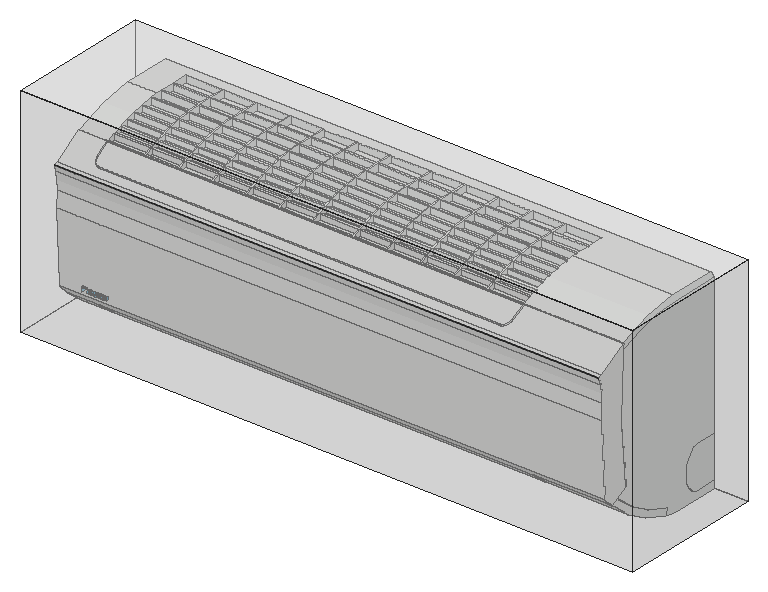
Revit family "outputfile", category 機械設備, Revit 2024
Family settings
  丸型コネクタ寸法 = 半径を使用
  パーツ タイプ = 標準
  OmniClass 番号 = 23.75.10.24.21.27.27
  OmniClass タイトル = Split System Air Conditioning Units
  作業面ベース = いいえ
  常に垂直 = はい
  ロード時にボイドで切り取り = いいえ
  注釈の向きを維持 = いいえ
  共有 = いいえ
  部屋計算ポイント = いいえ
Parameters (values of type "FTV28PBV1MF9")
  Description = ""
  製造元 = "Daikin"
  書き出し IFC クラス(タイプ) = "IfcUnitaryEquipmentType"
  定義済み IFC タイプ(タイプ) = "AIRCONDITIONINGUNIT"
  Cost = 0
  モデル = "FTV28PBV1MF9"
  Type Comments = ""
  Keynote = ""
  Type Image = (empty or 0)
  Assembly Code = ""
  switch_frequency = yes
  r_Liquid Pipe Size = Liquid Pipe Size / 2  # 3.2 mm
  r_Gas Pipe Size = Gas Pipe Size / 2  # 4.75 mm
  r_Drain Pipe Size = Drain Pipe Size / 2  # 9.55 mm
  lw_powersupply [instance] = if(or(Rear Right Connection_refrigerant, Bottom Right Connection_refrigerant), 65.0 mm + 5.3 mm, if(or(Rear Left Connection_refrigerant, Bottom Left Connection_refrigerant), 742.0 mm + 30.0 mm, 400.0 mm))  # 400.0 mm
  lw_liquidpipe [instance] = if(or(Rear Right Connection_refrigerant, Bottom Right Connection_refrigerant), 9.0 mm, if(or(Rear Left Connection_refrigerant, Bottom Left Connection_refrigerant), 668.0 mm + 40.0 mm, 800.0 mm - 592.0 mm - 48.0 mm))  # 160.0 mm
  lw_gaspipe [instance] = if(or(Rear Right Connection_refrigerant, Bottom Right Connection_refrigerant), 0.0 mm, if(or(Rear Left Connection_refrigerant, Bottom Left Connection_refrigerant), 661.0 mm + 30.0 mm, 800.0 mm - 592.0 mm - 49.0 mm - 48.0 mm))  # 111.0 mm
  lw_drainpipe [instance] = if(or(Rear Right Connection_refrigerant, Bottom Right Connection_refrigerant), 0.0 mm, if(or(Rear Left Connection_refrigerant, Bottom Left Connection_refrigerant), 675.0 mm + 30.0 mm, 0.0 mm))  # 0.0 mm
  l_powersupply_length [instance] = if(Right Connection_refrigerant, 400.0 mm, if(Left Connection_refrigerant, 800.0 mm - 400.0 mm, if(or(Rear Left Connection_refrigerant, Rear Right Connection_refrigerant), 15.0 mm, 40.0 mm)))  # 400.0 mm
  l_liquidpipe_length [instance] = if(Right Connection_refrigerant, 800.0 mm - 592.0 mm, if(Left Connection_refrigerant, 800.0 mm - (800.0 mm - 592.0 mm), if(or(Rear Left Connection_refrigerant, Rear Right Connection_refrigerant), 30.0 mm, 40.0 mm)))  # 208.0 mm
  l_gaspipe_length [instance] = if(Right Connection_refrigerant, 800.0 mm - 592.0 mm - 49.0 mm, if(Left Connection_refrigerant, 800.0 mm - (800.0 mm - 592.0 mm - 49.0 mm), if(or(Rear Left Connection_refrigerant, Rear Right Connection_refrigerant), 40.0 mm, 40.0 mm)))  # 159.0 mm
  l_drainpipe_length [instance] = if(Right Connection_refrigerant, 48.0 mm, if(Left Connection_refrigerant, 800.0 mm - 48.0 mm, if(or(Rear Left Connection_refrigerant, Rear Right Connection_refrigerant), 15.0 mm, 20.0 mm)))  # 48.0 mm
  h*** = 0.0 mm  # constant formula
  connector_voltage = Voltage_50Hz  # 230 V
  connector_powerinput = [Power Input (Cooling)]  # 0.865 kW
  connector_phase = Phase_50Hz  # 1
  angle_vertical [instance] = if(or(Bottom Left Connection_refrigerant, Bottom Right Connection_refrigerant), 0.00°, 90.00°)  # 90.00°
  angle_horizontal [instance] = if(Right Connection_refrigerant, 90.00°, if(Left Connection_refrigerant, -90.00°, if(or(Rear Left Connection_refrigerant, Rear Right Connection_refrigerant), 180.00°, 0.00°)))  # 90.00°
  Width = 800.0 mm
  Voltage_comment_50Hz = "220 - 240"
  Voltage_50Hz = 230 V
  Version = "ver.1.0"
  Unit Type = "Wall Mounted"
  Unit Mass Weight = 9.00 kg
  Unit Designation [instance] = ""
  Uniclass2015Version = "Products v1.30"
  Uniclass2015Title = "Split coil room air conditioning units"
  Uniclass2015Code = "Pr_70_65_03_86"
  URL = ""
  Total Cooling Capacity [instance] = 0.000 kW
  Sound Pressure Level_M speed (dBA) = 33
  Sound Pressure Level_L speed (dBA) = 27
  Sound Pressure Level_H speed (dBA) = 37
  Sound Power Level_H speed (dB) = 0
  Series = "Single Split_Fan Coil Unit"
  Sensible Cooling Capacity [instance] = 0.000 kW
  Refrigerant Type = "R32"
  Power Input (Cooling) = 0.865 kW
  Phase_50Hz = 1
  Option Accessory 3 [instance] = ""
  Option Accessory 2 [instance] = ""
  Option Accessory 1 [instance] = ""
  Nominal Cooling Capacity = 2.780 kW
  Minimum Circuit Amps_50Hz = 5.84 A
  Minimum Airflow = 382.00 m³/h
  Median Airflow = 479.00 m³/h
  Maximum Fuse Amps_50Hz = 16.0 A
  Maximum Airflow = 581.00 m³/h
  Material_Casing = DAIKIN_White_Casing_indoorunit
  Load Classification = HVAC
  Liquid Pipe Size = 6.4 mm
  Link_Nested Family [instance] = ""
  IfcVersion = ""
  IfcExportType = "AIRCONDITIONINGUNIT"
  IfcExportAs = "IfcUnitaryEquipmentType"
  Height = 288.0 mm
  Heat Exchanger Type = "Cross Fin Coil"
  Gas Pipe Size = 9.5 mm
  Frequency_50Hz = 50 Hz
  Fan Type = "Cross Flow Fan"
  Fan Drive = "-"
  FCU Tag No. [instance] = ""
  Drain Pipe Size = 19.1 mm
  Design Supply Airflow [instance] = 0.00 m³/h
  Depth = 212.0 mm
  既定の高さ = 0.0 mm
  Cooling Entering Wet Bulb Temperature [instance] = 0.00 °C
  Cooling Entering Dry Bulb Temperature [instance] = 0.00 °C
  Cooling Ambient Wet Bulb Temperature [instance] = 0.00 °C
  Cooling Ambient Dry Bulb Temperature [instance] = 0.00 °C
  Clearance visibility [instance] = yes
  Clearance Top = 30.0 mm
  Clearance Right = 50.0 mm
  Clearance Rear = 0.0 mm
  Clearance Left = 50.0 mm
  Clearance Front = 0.0 mm
  Clearance Bottom = 0.0 mm
  Bottom Right Connection_refrigerant [instance] = no
  Bottom Left Connection_refrigerant [instance] = no
  Rear Right Connection_refrigerant [instance] = no
  Rear Left Connection_refrigerant [instance] = no
  Right Connection_refrigerant [instance] = yes
  Left Connection_refrigerant [instance] = no
Reference planes
  plane 1 "Back": y = 0
  plane 2: z = 0
  plane 3 "Center (Left/Right)": x = 0
  plane 4 "Center (Front/Back)": y = -106
  plane 5 "Front": y = -212
  plane 6 "Left": x = -400
  plane 7 "Right": x = 400
  plane 8 "Top": z = 0
  plane 9 "Bottom": z = -288
  plane 10: x = -450
  plane 11: x = 450
  plane 12: y = 0
  plane 13: y = -212
  plane 14: z = 30
  plane 15: z = -288
  plane 16 "lw_Piping and Wiring intake": x = 352
  plane 17 "lw_gaspipe": x = 241
  plane 18 "lw_liquidpipe": x = 192
  plane 19 "lw_drainpipe": x = 352
  plane 20 "lh_drainpipe": z = -268
  plane 21 "lh_liquidpipe": z = -248
  plane 22 "lh_gaspipe": z = -248
  plane 23 "ld_drainpipe": y = -15
  plane 24 "ld_liquidpipe": y = -30
  plane 25 "ld_gaspipe": y = -40
  plane 26 "lw_powersupply": x = 0
Dimensions and locks
  equal spacing: plane 6 "Left", plane 3 "Center (Left/Right)", plane 7 "Right"
  "Width": plane 6 "Left" to plane 7 "Right"
  equal spacing: plane 5 "Front", plane 4 "Center (Front/Back)", plane 1 "Back"
  "Depth": plane 5 "Front" to plane 1 "Back"
  "Height": plane 8 "Top" to plane 9 "Bottom"
  "Clearance Rear": plane 12 to plane 1 "Back"
  "Clearance Front": plane 13 to plane 5 "Front"
  "Clearance Top": plane 14 to plane 8 "Top"
  "Clearance Bottom": plane 9 "Bottom" to plane 15
  locked: plane 16 "lw_Piping and Wiring intake" to plane 7 "Right" at 48
  "lw_gaspipe": plane 17 "lw_gaspipe" to plane 16 "lw_Piping and Wiring intake"
  "lw_liquidpipe": plane 18 "lw_liquidpipe" to plane 16 "lw_Piping and Wiring intake"
  "lw_drainpipe": plane 19 "lw_drainpipe" to plane 16 "lw_Piping and Wiring intake"
  locked: plane 20 "lh_drainpipe" to plane 9 "Bottom" at 20
  locked: plane 21 "lh_liquidpipe" to plane 9 "Bottom" at 40
  locked: plane 22 "lh_gaspipe" to plane 9 "Bottom" at 40
  locked: plane 23 "ld_drainpipe" to plane 1 "Back" at 15
  locked: plane 1 "Back" to plane 24 "ld_liquidpipe" at 30
  locked: plane 1 "Back" to plane 25 "ld_gaspipe" at 40
  "lw_powersupply": plane 26 "lw_powersupply" to plane 7 "Right"
  "Clearance Left": plane 10 to plane 6 "Left"
  "Clearance Right": plane 7 "Right" to plane 11
  plane 6 "Left" to plane 18 "lw_liquidpipe" = 592.0 mm
  plane 18 "lw_liquidpipe" to plane 17 "lw_gaspipe" = 49.0 mm
  aligned and locked: level to plane 2
  aligned and locked: plane 12 to nested 1
  aligned and locked: nested 1 to plane 13
  aligned and locked: plane 10 to nested 1
  aligned and locked: plane 11 to nested 1
  aligned and locked: plane 17 "lw_gaspipe" to nested 2
  aligned and locked: nested 2 to plane 25 "ld_gaspipe"
  aligned and locked: plane 18 "lw_liquidpipe" to nested 3
  aligned and locked: nested 3 to plane 24 "ld_liquidpipe"
  aligned and locked: plane 19 "lw_drainpipe" to nested 4
  aligned and locked: nested 4 to plane 23 "ld_drainpipe"
  aligned and locked: nested 5 to plane 23 "ld_drainpipe"
  aligned and locked: plane 26 "lw_powersupply" to nested 5
  aligned and locked: level to plane 8 "Top"
  aligned and locked: plane 14 to nested 1
  aligned and locked: plane 15 to nested 1
  aligned and locked: plane 3 "Center (Left/Right)" to nested 6
  aligned and locked: plane 1 "Back" to nested 6
  aligned and locked: plane 8 "Top" to nested 6
Nested families
  nested 1: "daikin_clearancespace" at (0, -106, -128.881), show <- "Clearance visibility", visible <- "Clearance visibility", Link_Nested Family <- "Link_Nested Family", type "daikin_clearancespace"
    with width 900.0 mm, show yes, height 318.0 mm, depth 212.0 mm, Link_Nested Family ""
  nested 2: "daikin_connector_rotate3" at (241, -40, -248), angle_vertical <- "angle_vertical", angle_horizontal <- "angle_horizontal", length <- "l_gaspipe_length", radius <- "r_Gas Pipe Size", type "daikin_connector_rotate3"
    with show no, radius 4.75 mm, length 159.0 mm, angle_vertical 90.00°, angle_horizontal 90.00°
  nested 3: "daikin_connector_rotate3" at (192, -30, -248), angle_vertical <- "angle_vertical", angle_horizontal <- "angle_horizontal", radius <- "r_Liquid Pipe Size", length <- "l_liquidpipe_length", type "daikin_connector_rotate3"
    with show no, radius 3.2 mm, length 208.0 mm, angle_vertical 90.00°, angle_horizontal 90.00°
  nested 4: "daikin_connector_rotate3" at (352, -15, -268), angle_vertical <- "angle_vertical", angle_horizontal <- "angle_horizontal", length <- "l_drainpipe_length", radius <- "r_Drain Pipe Size", type "daikin_connector_rotate3"
    with show no, radius 9.55 mm, length 48.0 mm, angle_vertical 90.00°, angle_horizontal 90.00°
  nested 5: "daikin_connector_rotate3" at (0, -15, -248), angle_vertical <- "angle_vertical", angle_horizontal <- "angle_horizontal", length <- "l_powersupply_length", type "daikin_connector_rotate3"
    with show no, radius 10.0 mm, length 400.0 mm, angle_vertical 90.00°, angle_horizontal 90.00°
  nested 6: "DAIKIN_indoorunit_FTV-PBV1MF9" at (-31, 0, 0), type "FTV-PBV1MF9"
Connectors
  piping at (400, -40, -248), diameter 9.5, driven by "r_Gas Pipe Size"
    settings: on nested 2, index 1, connector inside diameter 609.6 mm, connector length 0.0 mm, flow factor 0, pipe flow 0.00 m³/h, pressure drop 0.0 Pa, fitting loss kfactor 0, connector angle 0.00°, fixture units 0, engagement length 0.0 mm, angle of deflection 0.00°, flow configuration 1, flow direction 2, fitting loss method 0, system type 29, joint type 0, gender type 0, connector reference index -1, connector utility 0, adjustable connector no, is connector primary yes, connector description "Refrigerant Gas Piping"
  piping at (400, -30, -248), diameter 6.4, driven by "r_Liquid Pipe Size"
    settings: on nested 3, index 2, connector inside diameter 609.6 mm, connector length 0.0 mm, flow factor 0, pipe flow 0.00 m³/h, pressure drop 0.0 Pa, fitting loss kfactor 0, connector angle 0.00°, fixture units 0, engagement length 0.0 mm, angle of deflection 0.00°, flow configuration 1, flow direction 1, fitting loss method 0, system type 29, joint type 0, gender type 0, connector reference index -1, connector utility 0, adjustable connector no, is connector primary no, connector description "Refrigerant Liquid Piping"
  piping at (400, -15, -268), diameter 19.1, driven by "r_Drain Pipe Size"
    settings: on nested 4, index 3, connector inside diameter 609.6 mm, connector length 0.0 mm, flow factor 0, pipe flow 0.00 m³/h, pressure drop 0.0 Pa, fitting loss kfactor 0, connector angle 0.00°, fixture units 0, engagement length 0.0 mm, angle of deflection 0.00°, flow configuration 1, flow direction 2, fitting loss method 4, system type 16, joint type 0, gender type 0, connector reference index -1, connector utility 0, adjustable connector no, is connector primary no, connector description "Condensate Drain Piping"
  electrical at (400, -15, -248), driven by "Load Classification", driven by "connector_voltage", driven by "connector_powerinput", driven by "connector_phase"
    settings: on nested 5, index 4, voltage 230 V, apparent load 865 VA, apparent load phase1 0 VA, apparent load phase2 0 VA, apparent load phase3 0 VA, power factor 1, load classification "HVAC", number of poles 1, system type 30, power factor state 1, is connector primary yes, connector utility no, sub classification motor no, connector description "Power Supply"
Definition of nested family "daikin_clearancespace"
  Parameters (values of type "daikin_clearancespace")
    Description = "daikin_clearancespace"
    width [instance] = 1823.963 mm
    show [instance] = yes
    material = none
    height [instance] = 1359.762 mm
    depth [instance] = 880.0 mm
    Default Elevation = 0.0 mm
    Link_Nested Family [instance] = ""
  Reference planes
    plane 1 "Center (Front/Back)": y = 0
    plane 2 "Center (Elevation)": z = -0.119
    plane 3 "Center (Left/Right)": x = 0
    plane 4: y = 440
    plane 5: y = -440
    plane 6 "Right": x = 911.982
    plane 7 "Left": x = -911.982
    plane 8 "Top": z = 679.762
    plane 9 "Bottom": z = -680
  Forms (mm)
    Extrusion 1, solid, material <- "material", visible <- "show"
      sketch origin (0, 0, 0) x (1, 0, 0) y (0, 1, 0)
        loop
          line (-911.982, 440) -> (-911.982, -440) -> (911.982, -440) -> (911.982, 440) -> (-911.982, 440)
      from -680 to 679.762
  Lines and regions (mm)
    symbolic lines, visible <- "show"
      curve 1: line (911.982, 440, 0) -> (-911.982, 440, 0)
      curve 2: line (-911.982, 440, 0) -> (-911.982, -440, 0)
      curve 3: line (-911.982, -440, 0) -> (911.982, -440, 0)
      curve 4: line (911.982, -440, 0) -> (911.982, 440, 0)
      curve 5: line (911.982, 0, 679.762) -> (-911.982, 0, 679.762)
      curve 6: line (911.982, 0, -680) -> (911.982, 0, 679.762)
      curve 7: line (-911.982, 0, -680) -> (911.982, 0, -680)
      curve 8: line (-911.982, 0, 679.762) -> (-911.982, 0, -680)
      curve 9: line (0, 440, 679.762) -> (0, -440, 679.762)
      curve 10: line (0, -440, 679.762) -> (0, -440, -680)
      curve 11: line (0, 440, -680) -> (0, 440, 679.762)
      curve 12: line (0, -440, -680) -> (0, 440, -680)
  Dimensions and locks
    "width": plane 7 "Left" to plane 6 "Right"
    "depth": plane 4 to plane 5
    "height": plane 8 "Top" to plane 9 "Bottom"
    equal spacing: plane 7 "Left", plane 3 "Center (Left/Right)", plane 6 "Right"
    equal spacing: plane 4, plane 1 "Center (Front/Back)", plane 5
    equal spacing: plane 8 "Top", plane 2 "Center (Elevation)", plane 9 "Bottom"
    aligned and locked: level to plane 2 "Center (Elevation)"
    aligned and locked: Extrusion 1 sketch curve to plane 4
    aligned and locked: plane 7 "Left" to Extrusion 1 sketch curve
    aligned and locked: Extrusion 1 sketch curve to plane 5
    aligned and locked: Extrusion 1 sketch curve to plane 6 "Right"
    aligned and locked: plane 8 "Top" to Extrusion 1
    aligned and locked: curve 1 to Extrusion 1
    aligned and locked: curve 2 to Extrusion 1
    aligned and locked: curve 3 to Extrusion 1
    aligned and locked: curve 4 to Extrusion 1
    aligned and locked: curve 5 to Extrusion 1
    aligned and locked: curve 6 to Extrusion 1
    aligned and locked: curve 7 to Extrusion 1
    aligned and locked: curve 8 to Extrusion 1
    aligned and locked: curve 9 to Extrusion 1
    aligned and locked: curve 10 to Extrusion 1
    aligned and locked: curve 11 to Extrusion 1
    aligned and locked: curve 12 to Extrusion 1
    aligned and locked: Extrusion 1 to plane 9 "Bottom"
Definition of nested family "DAIKIN_indoorunit_FTV-PBV1MF9"
  Parameters (values of type "FTV-PBV1MF9")
    Width = 800.0 mm
    Material_Casing = none
    Height = 288.0 mm
    Default Elevation = 0.0 mm
  Reference planes
    plane 1 "Center (Front/Back)": y = 0
    plane 2 "reference_level": z = 0
    plane 3 "Center (Left/Right)": x = 31
    plane 4: y = -212
    plane 5: x = -369
    plane 6: x = 431
    plane 7: x = -369
    plane 8: x = 431
    plane 9: z = -288
  Forms (mm)
    Extrusion 1, solid, material <- "Material_Casing"
      sketch origin (31, 0, 0) x (0, 1, 0) y (0, 0, 1)
        loop
          arc (-167.658, -37.907) -> (-181.072, -45.445) -> (-193.973, -53.831) r 238.983
          arc (-193.973, -53.831) -> (-198.179, -56.235) -> (-202.744, -57.855) r 27.19
          line (-202.744, -57.855) -> (-209.233, -59.409)
          arc (-209.233, -59.409) -> (-206.876, -72.128) -> (-206.426, -85.056) r 87.213
          line (-206.426, -85.056) -> (-207.343, -108.316)
          arc (-207.343, -108.316) -> (-206.958, -161.328) -> (-201.625, -214.072) r 567.254
          arc (-201.625, -214.072) -> (-194.69, -221.539) -> (-187.446, -228.706) r 240.501
          line (-187.446, -228.706) -> (-164.341, -215.366)
          arc (-164.341, -215.366) -> (-170.74, -126.725) -> (-167.658, -37.907) r 832.797
      from -400 to 400
    Extrusion 2, void
      sketch origin (33, 0, 0) x (1, 0, 0) y (0, 1, 0)
        loop
          line (-306.3, -45.991) -> (-306.3, -22.991) -> (-359.5, -22.991) -> (-359.5, -45.991) -> (-306.3, -45.991)
        loop
          line (-306.3, -67.491) -> (-306.3, -47.991) -> (-359.5, -47.991) -> (-359.5, -67.491) -> (-306.3, -67.491)
        loop
          line (-306.3, -69.491) -> (-359.5, -69.491) -> (-359.5, -86.209) -> (-306.3, -86.209) -> (-306.3, -69.491)
        loop
          line (-306.3, -87.991) -> (-359.5, -87.991) -> (-359.5, -102.991) -> (-306.3, -102.991) -> (-306.3, -87.991)
        loop
          line (-306.3, -104.991) -> (-359.5, -104.991) -> (-359.5, -117.491) -> (-306.3, -117.491) -> (-306.3, -104.991)
        loop
          line (-306.3, -119.491) -> (-359.5, -119.491) -> (-359.5, -129.991) -> (-306.3, -129.991) -> (-306.3, -119.491)
        loop
          line (-306.3, -131.991) -> (-359.5, -131.991) -> (-359.5, -141.491) -> (-306.3, -141.491) -> (-306.3, -131.991)
        loop
          line (-306.3, -143.491) -> (-359.5, -143.491) -> (-359.5, -152.991) -> (-306.3, -152.991) -> (-306.3, -143.491)
        loop
          line (-306.3, -154.991) -> (-359.5, -154.991) -> (-359.5, -165) -> (-306.3, -165) -> (-306.3, -154.991)
        loop
          line (-304.3, -22.991) -> (-304.3, -45.991) -> (-257.1, -45.991) -> (-257.1, -22.991) -> (-304.3, -22.991)
        loop
          line (-257.1, -47.991) -> (-304.3, -47.991) -> (-304.3, -67.491) -> (-257.1, -67.491) -> (-257.1, -47.991)
        loop
          line (-304.3, -69.491) -> (-304.3, -85.991) -> (-257.1, -85.991) -> (-257.1, -69.491) -> (-304.3, -69.491)
        loop
          line (-257.1, -87.991) -> (-304.3, -87.991) -> (-304.3, -102.991) -> (-257.1, -102.991) -> (-257.1, -87.991)
        loop
          line (-304.3, -104.991) -> (-304.3, -117.491) -> (-257.1, -117.491) -> (-257.1, -104.991) -> (-304.3, -104.991)
        loop
          line (-257.1, -119.491) -> (-304.3, -119.491) -> (-304.3, -129.991) -> (-257.1, -129.991) -> (-257.1, -119.491)
        loop
          line (-304.3, -131.991) -> (-304.3, -141.491) -> (-257.1, -141.491) -> (-257.1, -131.991) -> (-304.3, -131.991)
        loop
          line (-257.1, -143.491) -> (-304.3, -143.491) -> (-304.3, -152.991) -> (-257.1, -152.991) -> (-257.1, -143.491)
        loop
          line (-304.3, -154.991) -> (-304.3, -165) -> (-257.1, -165) -> (-257.1, -154.991) -> (-304.3, -154.991)
        loop
          line (-255.1, -22.991) -> (-255.1, -45.991) -> (-207.9, -45.991) -> (-207.9, -22.991) -> (-255.1, -22.991)
        loop
          line (-207.9, -47.991) -> (-255.1, -47.991) -> (-255.1, -67.491) -> (-207.9, -67.491) -> (-207.9, -47.991)
        loop
          line (-255.1, -69.491) -> (-255.1, -85.991) -> (-207.9, -85.991) -> (-207.9, -69.491) -> (-255.1, -69.491)
        loop
          line (-207.9, -87.991) -> (-255.1, -87.991) -> (-255.1, -102.991) -> (-207.9, -102.991) -> (-207.9, -87.991)
        loop
          line (-255.1, -104.991) -> (-255.1, -117.491) -> (-207.9, -117.491) -> (-207.9, -104.991) -> (-255.1, -104.991)
        loop
          line (-207.9, -119.491) -> (-255.1, -119.491) -> (-255.1, -129.991) -> (-207.9, -129.991) -> (-207.9, -119.491)
        loop
          line (-255.1, -131.991) -> (-255.1, -141.491) -> (-207.9, -141.491) -> (-207.9, -131.991) -> (-255.1, -131.991)
        loop
          line (-207.9, -143.491) -> (-255.1, -143.491) -> (-255.1, -152.991) -> (-207.9, -152.991) -> (-207.9, -143.491)
        loop
          line (-255.1, -154.991) -> (-255.1, -165) -> (-207.9, -165) -> (-207.9, -154.991) -> (-255.1, -154.991)
        loop
          line (-205.9, -22.991) -> (-205.9, -45.991) -> (-158.7, -45.991) -> (-158.7, -22.991) -> (-205.9, -22.991)
        loop
          line (-158.7, -47.991) -> (-205.9, -47.991) -> (-205.9, -67.491) -> (-158.7, -67.491) -> (-158.7, -47.991)
        loop
          line (-205.9, -69.491) -> (-205.9, -85.991) -> (-158.7, -85.991) -> (-158.7, -69.491) -> (-205.9, -69.491)
        loop
          line (-158.7, -87.991) -> (-205.9, -87.991) -> (-205.9, -102.991) -> (-158.7, -102.991) -> (-158.7, -87.991)
        loop
          line (-205.9, -104.991) -> (-205.9, -117.491) -> (-158.7, -117.491) -> (-158.7, -104.991) -> (-205.9, -104.991)
        loop
          line (-158.7, -119.491) -> (-205.9, -119.491) -> (-205.9, -129.991) -> (-158.7, -129.991) -> (-158.7, -119.491)
        loop
          line (-205.9, -131.991) -> (-205.9, -141.491) -> (-158.7, -141.491) -> (-158.7, -131.991) -> (-205.9, -131.991)
        loop
          line (-158.7, -143.491) -> (-205.9, -143.491) -> (-205.9, -152.991) -> (-158.7, -152.991) -> (-158.7, -143.491)
        loop
          line (-205.9, -154.991) -> (-205.9, -165) -> (-158.7, -165) -> (-158.7, -154.991) -> (-205.9, -154.991)
        loop
          line (-156.7, -22.991) -> (-156.7, -45.991) -> (-109.5, -45.991) -> (-109.5, -22.991) -> (-156.7, -22.991)
        loop
          line (-109.5, -47.991) -> (-156.7, -47.991) -> (-156.7, -67.491) -> (-109.5, -67.491) -> (-109.5, -47.991)
        loop
          line (-156.7, -69.491) -> (-156.7, -85.991) -> (-109.5, -85.991) -> (-109.5, -69.491) -> (-156.7, -69.491)
        loop
          line (-109.5, -87.991) -> (-156.7, -87.991) -> (-156.7, -102.991) -> (-109.5, -102.991) -> (-109.5, -87.991)
        loop
          line (-156.7, -104.991) -> (-156.7, -117.491) -> (-109.5, -117.491) -> (-109.5, -104.991) -> (-156.7, -104.991)
        loop
          line (-109.5, -119.491) -> (-156.7, -119.491) -> (-156.7, -129.991) -> (-109.5, -129.991) -> (-109.5, -119.491)
        loop
          line (-156.7, -131.991) -> (-156.7, -141.491) -> (-109.5, -141.491) -> (-109.5, -131.991) -> (-156.7, -131.991)
        loop
          line (-109.5, -143.491) -> (-156.7, -143.491) -> (-156.7, -152.991) -> (-109.5, -152.991) -> (-109.5, -143.491)
        loop
          line (-156.7, -154.991) -> (-156.7, -165) -> (-109.5, -165) -> (-109.5, -154.991) -> (-156.7, -154.991)
        loop
          line (-107.5, -22.991) -> (-107.5, -45.991) -> (-60.3, -45.991) -> (-60.3, -22.991) -> (-107.5, -22.991)
        loop
          line (-60.3, -47.991) -> (-107.5, -47.991) -> (-107.5, -67.491) -> (-60.3, -67.491) -> (-60.3, -47.991)
        loop
          line (-107.5, -69.491) -> (-107.5, -85.991) -> (-60.3, -85.991) -> (-60.3, -69.491) -> (-107.5, -69.491)
        loop
          line (-60.3, -87.991) -> (-107.5, -87.991) -> (-107.5, -102.991) -> (-60.3, -102.991) -> (-60.3, -87.991)
        loop
          line (-107.5, -104.991) -> (-107.5, -117.491) -> (-60.3, -117.491) -> (-60.3, -104.991) -> (-107.5, -104.991)
        loop
          line (-60.3, -119.491) -> (-107.5, -119.491) -> (-107.5, -129.991) -> (-60.3, -129.991) -> (-60.3, -119.491)
        loop
          line (-107.5, -131.991) -> (-107.5, -141.491) -> (-60.3, -141.491) -> (-60.3, -131.991) -> (-107.5, -131.991)
        loop
          line (-60.3, -143.491) -> (-107.5, -143.491) -> (-107.5, -152.991) -> (-60.3, -152.991) -> (-60.3, -143.491)
        loop
          line (-107.5, -154.991) -> (-107.5, -165) -> (-60.3, -165) -> (-60.3, -154.991) -> (-107.5, -154.991)
        loop
          line (1.5, -22.991) -> (1.5, -45.991) -> (48.7, -45.991) -> (48.7, -22.991) -> (1.5, -22.991)
        loop
          line (48.7, -47.991) -> (1.5, -47.991) -> (1.5, -67.491) -> (48.7, -67.491) -> (48.7, -47.991)
        loop
          line (1.5, -69.491) -> (1.5, -85.991) -> (48.7, -85.991) -> (48.7, -69.491) -> (1.5, -69.491)
        loop
          line (48.7, -87.991) -> (1.5, -87.991) -> (1.5, -102.991) -> (48.7, -102.991) -> (48.7, -87.991)
        loop
          line (1.5, -104.991) -> (1.5, -117.491) -> (48.7, -117.491) -> (48.7, -104.991) -> (1.5, -104.991)
        loop
          line (48.7, -119.491) -> (1.5, -119.491) -> (1.5, -129.991) -> (48.7, -129.991) -> (48.7, -119.491)
        loop
          line (1.5, -131.991) -> (1.5, -141.491) -> (48.7, -141.491) -> (48.7, -131.991) -> (1.5, -131.991)
        loop
          line (48.7, -143.491) -> (1.5, -143.491) -> (1.5, -152.991) -> (48.7, -152.991) -> (48.7, -143.491)
        loop
          line (1.5, -154.991) -> (1.5, -165) -> (48.7, -165) -> (48.7, -154.991) -> (1.5, -154.991)
        loop
          line (50.7, -22.991) -> (50.7, -45.991) -> (97.9, -45.991) -> (97.9, -22.991) -> (50.7, -22.991)
        loop
          line (97.9, -47.991) -> (50.7, -47.991) -> (50.7, -67.491) -> (97.9, -67.491) -> (97.9, -47.991)
        loop
          line (50.7, -69.491) -> (50.7, -85.991) -> (97.9, -85.991) -> (97.9, -69.491) -> (50.7, -69.491)
        loop
          line (97.9, -87.991) -> (50.7, -87.991) -> (50.7, -102.991) -> (97.9, -102.991) -> (97.9, -87.991)
        loop
          line (50.7, -104.991) -> (50.7, -117.491) -> (97.9, -117.491) -> (97.9, -104.991) -> (50.7, -104.991)
        loop
          line (97.9, -119.491) -> (50.7, -119.491) -> (50.7, -129.991) -> (97.9, -129.991) -> (97.9, -119.491)
        loop
          line (50.7, -131.991) -> (50.7, -141.491) -> (97.9, -141.491) -> (97.9, -131.991) -> (50.7, -131.991)
        loop
          line (97.9, -143.491) -> (50.7, -143.491) -> (50.7, -152.991) -> (97.9, -152.991) -> (97.9, -143.491)
        loop
          line (50.7, -154.991) -> (50.7, -165) -> (97.9, -165) -> (97.9, -154.991) -> (50.7, -154.991)
        loop
          line (99.9, -22.991) -> (99.9, -45.991) -> (147.1, -45.991) -> (147.1, -22.991) -> (99.9, -22.991)
        loop
          line (147.1, -47.991) -> (99.9, -47.991) -> (99.9, -67.491) -> (147.1, -67.491) -> (147.1, -47.991)
        loop
          line (99.9, -69.491) -> (99.9, -85.991) -> (147.1, -85.991) -> (147.1, -69.491) -> (99.9, -69.491)
        loop
          line (147.1, -87.991) -> (99.9, -87.991) -> (99.9, -102.991) -> (147.1, -102.991) -> (147.1, -87.991)
        loop
          line (99.9, -104.991) -> (99.9, -117.491) -> (147.1, -117.491) -> (147.1, -104.991) -> (99.9, -104.991)
        loop
          line (147.1, -119.491) -> (99.9, -119.491) -> (99.9, -129.991) -> (147.1, -129.991) -> (147.1, -119.491)
        loop
          line (99.9, -131.991) -> (99.9, -141.491) -> (147.1, -141.491) -> (147.1, -131.991) -> (99.9, -131.991)
        loop
          line (147.1, -143.491) -> (99.9, -143.491) -> (99.9, -152.991) -> (147.1, -152.991) -> (147.1, -143.491)
        loop
          line (99.9, -154.991) -> (99.9, -165) -> (147.1, -165) -> (147.1, -154.991) -> (99.9, -154.991)
        loop
          line (149.1, -22.991) -> (149.1, -45.991) -> (196.3, -45.991) -> (196.3, -22.991) -> (149.1, -22.991)
        loop
          line (196.3, -47.991) -> (149.1, -47.991) -> (149.1, -67.491) -> (196.3, -67.491) -> (196.3, -47.991)
        loop
          line (149.1, -69.491) -> (149.1, -85.991) -> (196.3, -85.991) -> (196.3, -69.491) -> (149.1, -69.491)
        loop
          line (196.3, -87.991) -> (149.1, -87.991) -> (149.1, -102.991) -> (196.3, -102.991) -> (196.3, -87.991)
        loop
          line (149.1, -104.991) -> (149.1, -117.491) -> (196.3, -117.491) -> (196.3, -104.991) -> (149.1, -104.991)
        loop
          line (196.3, -119.491) -> (149.1, -119.491) -> (149.1, -129.991) -> (196.3, -129.991) -> (196.3, -119.491)
        loop
          line (149.1, -131.991) -> (149.1, -141.491) -> (196.3, -141.491) -> (196.3, -131.991) -> (149.1, -131.991)
        loop
          line (196.3, -143.491) -> (149.1, -143.491) -> (149.1, -152.991) -> (196.3, -152.991) -> (196.3, -143.491)
        loop
          line (149.1, -154.991) -> (149.1, -165) -> (196.3, -165) -> (196.3, -154.991) -> (149.1, -154.991)
        loop
          line (198.3, -22.991) -> (198.3, -45.991) -> (251.5, -45.991) -> (251.5, -22.991) -> (198.3, -22.991)
        loop
          line (251.5, -47.991) -> (198.3, -47.991) -> (198.3, -67.491) -> (251.5, -67.491) -> (251.5, -47.991)
        loop
          line (198.3, -69.491) -> (198.3, -85.991) -> (251.5, -85.991) -> (251.5, -69.491) -> (198.3, -69.491)
        loop
          line (251.5, -87.991) -> (198.3, -87.991) -> (198.3, -102.991) -> (251.5, -102.991) -> (251.5, -87.991)
        loop
          line (198.3, -104.991) -> (198.3, -117.491) -> (251.5, -117.491) -> (251.5, -104.991) -> (198.3, -104.991)
        loop
          line (251.5, -119.491) -> (198.3, -119.491) -> (198.3, -129.991) -> (251.5, -129.991) -> (251.5, -119.491)
        loop
          line (198.3, -131.991) -> (198.3, -141.491) -> (251.5, -141.491) -> (251.5, -131.991) -> (198.3, -131.991)
        loop
          line (251.5, -143.491) -> (198.3, -143.491) -> (198.3, -152.991) -> (251.5, -152.991) -> (251.5, -143.491)
        loop
          line (198.3, -154.991) -> (198.3, -165) -> (251.5, -165) -> (251.5, -154.991) -> (198.3, -154.991)
        loop
          line (-58.3, -22.991) -> (-58.3, -45.991) -> (-0.5, -45.991) -> (-0.5, -22.991) -> (-58.3, -22.991)
        loop
          line (-0.5, -47.991) -> (-58.3, -47.991) -> (-58.3, -67.491) -> (-0.5, -67.491) -> (-0.5, -47.991)
        loop
          line (-58.3, -69.491) -> (-58.3, -85.991) -> (-0.5, -85.991) -> (-0.5, -69.491) -> (-58.3, -69.491)
        loop
          line (-0.5, -87.991) -> (-58.3, -87.991) -> (-58.3, -102.991) -> (-0.5, -102.991) -> (-0.5, -87.991)
        loop
          line (-58.3, -104.991) -> (-58.3, -117.491) -> (-0.5, -117.491) -> (-0.5, -104.991) -> (-58.3, -104.991)
        loop
          line (-0.5, -119.491) -> (-58.3, -119.491) -> (-58.3, -129.991) -> (-0.5, -129.991) -> (-0.5, -119.491)
        loop
          line (-58.3, -131.991) -> (-58.3, -141.491) -> (-0.5, -141.491) -> (-0.5, -131.991) -> (-58.3, -131.991)
        loop
          line (-0.5, -143.491) -> (-58.3, -143.491) -> (-58.3, -152.991) -> (-0.5, -152.991) -> (-0.5, -143.491)
        loop
          line (-58.3, -154.991) -> (-58.3, -165) -> (-0.5, -165) -> (-0.5, -154.991) -> (-58.3, -154.991)
      from -40.013 to 47.268
    Extrusion 3, solid, material <- "Material_Casing"
      sketch origin (418, 1296.25, 1200) x (0, 1, 0) y (0, 0, 1)
        loop
          line (-1473.873, -1424.191) -> (-1482.936, -1429.424)
          arc (-1482.936, -1429.424) -> (-1437.753, -1462.876) -> (-1386.039, -1484.925) r 240.501
          line (-1386.039, -1484.925) -> (-1383.459, -1475.26)
          arc (-1383.459, -1475.26) -> (-1431.579, -1454.883) -> (-1473.873, -1424.191) r 230.501
      from 13 to -104
    Extrusion 4, solid, material <- "Material_Casing"
      sketch origin (431, 1296.25, 1200) x (0, -1, 0) y (0, 0, 1)
        loop
          line (1296.25, -1416) -> (1296.25, -1477) -> (1324.531, -1477)
          arc (1324.531, -1477) -> (1340.087, -1470.556) -> (1346.531, -1455) r 22
          line (1346.531, -1455) -> (1346.531, -1438)
          arc (1346.531, -1438) -> (1340.087, -1422.444) -> (1324.531, -1416) r 22
          line (1324.531, -1416) -> (1296.25, -1416)
      from 0 to 5
    Extrusion 5, solid, material <- "Material_Casing"
      sketch origin (31, 200, -288) x (-1, 0, 0) y (0, -1, 0)
        loop
          line (385, 200) -> (385, 228.281)
          arc (385, 228.281) -> (378.556, 243.837) -> (363, 250.281) r 22
          line (363, 250.281) -> (346, 250.281)
          arc (346, 250.281) -> (330.444, 243.837) -> (324, 228.281) r 22
          line (324, 228.281) -> (324, 200) -> (385, 200)
        loop
          line (-372, 200) -> (-311, 200) -> (-311, 228.281)
          arc (-311, 228.281) -> (-317.444, 243.837) -> (-333, 250.281) r 22
          line (-333, 250.281) -> (-350, 250.281)
          arc (-350, 250.281) -> (-365.556, 243.837) -> (-372, 228.281) r 22
          line (-372, 228.281) -> (-372, 200)
      from 0 to 5
    Extrusion 6, solid, material <- "Material_Casing"
      sketch origin (0, 0, 0) x (1, 0, 0) y (0, 1, 0)
        loop
          arc (-327.717, -167) -> (-327.08, -176.795) -> (-326.264, -186.577) r 532.302
          arc (-326.264, -186.577) -> (-322.859, -193.29) -> (-315.837, -196) r 10.5
          line (-315.837, -196) -> (272.837, -196)
          arc (272.837, -196) -> (279.86, -193.29) -> (283.264, -186.577) r 10.5
          arc (283.264, -186.577) -> (284.081, -176.795) -> (284.717, -167) r 532.302
          line (284.717, -167) -> (-327.717, -167)
      from 0 to -64.738
    Extrusion 7, void
      sketch origin (31, 0, 0) x (0, 1, 0) y (0, 0, 1)
        loop
          line (-161.353, 6.246) -> (-204.673, 6.246) -> (-204.673, -68.754) -> (-161.353, -68.754) -> (-161.353, 6.246)
        loop
          arc (-166.353, -24.387) -> (-182.505, -32.935) -> (-197.991, -42.638) r 250.383
          line (-197.991, -42.638) -> (-197.991, -56.693)
          arc (-197.991, -56.693) -> (-183.175, -46.733) -> (-167.658, -37.907) r 238.983
          arc (-167.658, -37.907) -> (-167.033, -31.144) -> (-166.353, -24.387) r 832.797
      from -385 to 385
    Extrusion 8, solid, material <- "Material_Casing"
      sketch origin (31, 0, -50) x (0, 1, 0) y (0, 0, 1)
        loop
          line (0, -238) -> (0, 40) -> (-75.78, 40)
          arc (-75.78, 40) -> (-122.232, 34.466) -> (-166.084, 18.173) r 197.718
          arc (-166.084, 18.173) -> (-169.674, -73.941) -> (-163.264, -165.901) r 849.712
          line (-163.264, -165.901) -> (-177.622, -174.191)
          arc (-177.622, -174.191) -> (-135.329, -204.883) -> (-87.209, -225.26) r 230.501
          line (-87.209, -225.26) -> (-89.788, -234.923)
          arc (-89.788, -234.923) -> (-78.072, -237.167) -> (-66.172, -238) r 100.04
          line (-66.172, -238) -> (0, -238)
      from -400 to 400
    Extrusion 9, solid, material <- "Material_Casing"
      sketch origin (-369, 1296.25, 1200) x (0, -1, 0) y (0, 0, -1)
        loop
          line (1296.25, 1416) -> (1324.531, 1416)
          arc (1324.531, 1416) -> (1340.087, 1422.444) -> (1346.531, 1438) r 22
          line (1346.531, 1438) -> (1346.531, 1455)
          arc (1346.531, 1455) -> (1340.087, 1470.556) -> (1324.531, 1477) r 22
          line (1324.531, 1477) -> (1296.25, 1477) -> (1296.25, 1416)
      from 0 to 5
    Extrusion 10, solid, material <- "Material_Casing"
      sketch origin (31, 0, -20) x (0, 1, 0) y (0, 0, 1)
        loop
          line (-75.78, 10) -> (0, 10) -> (-6.985, 20) -> (-76.159, 20)
          arc (-76.159, 20) -> (-121.824, 12.276) -> (-165.287, -3.721) r 250.522
          arc (-165.287, -3.721) -> (-165.695, -7.773) -> (-166.084, -11.827) r 849.712
          arc (-166.084, -11.827) -> (-122.232, 4.466) -> (-75.78, 10) r 197.718
      from -400 to 400
    Extrusion 11, solid, material <- "Material_Casing"
      sketch origin (283, 1296.25, 1200) x (0, 1, 0) y (0, 0, 1)
        loop
          line (-1473.873, -1424.191) -> (-1482.936, -1429.424)
          arc (-1482.936, -1429.424) -> (-1437.753, -1462.876) -> (-1386.039, -1484.925) r 240.501
          line (-1386.039, -1484.925) -> (-1383.459, -1475.26)
          arc (-1383.459, -1475.26) -> (-1431.579, -1454.883) -> (-1473.873, -1424.191) r 230.501
      from 27 to -606.784
    Extrusion 12, solid, material <- "Material_Casing"
      sketch origin (233, 1296.25, 1200) x (0, 1, 0) y (0, 0, 1)
        loop
          line (-1473.873, -1424.191) -> (-1482.936, -1429.424)
          arc (-1482.936, -1429.424) -> (-1437.753, -1462.876) -> (-1386.039, -1484.925) r 240.501
          line (-1386.039, -1484.925) -> (-1383.459, -1475.26)
          arc (-1383.459, -1475.26) -> (-1431.579, -1454.883) -> (-1473.873, -1424.191) r 230.501
      from -559.5 to -602
    Extrusion 13, void
      sketch origin (0, 0, 100) x (1, 0, 0) y (0, 1, 0)
        loop
          arc (-327.717, -167) -> (-327.08, -176.795) -> (-326.264, -186.577) r 532.302
          arc (-326.264, -186.577) -> (-322.859, -193.29) -> (-315.837, -196) r 10.5
          line (-315.837, -196) -> (272.837, -196)
          arc (272.837, -196) -> (279.86, -193.29) -> (283.264, -186.577) r 10.5
          arc (283.264, -186.577) -> (284.081, -176.795) -> (284.717, -167) r 532.302
          line (284.717, -167) -> (-327.717, -167)
      from 0 to -190
    Extrusion 14, solid, material <- "Material_Casing"
      sketch origin (31, 0, 0) x (0, 1, 0) y (0, 0, 1)
        loop
          arc (-166.353, -24.387) -> (-186.802, -35.471) -> (-206.134, -48.405) r 250.383
          line (-206.134, -48.405) -> (-212, -49.782) -> (-212, -50.758)
          arc (-212, -50.758) -> (-210.504, -55.047) -> (-209.233, -59.409) r 87.213
          line (-209.233, -59.409) -> (-202.744, -57.855)
          arc (-202.744, -57.855) -> (-198.179, -56.235) -> (-193.973, -53.831) r 27.19
          arc (-193.973, -53.831) -> (-181.072, -45.445) -> (-167.658, -37.907) r 238.983
          arc (-167.658, -37.907) -> (-167.033, -31.144) -> (-166.353, -24.387) r 832.797
      from -400 to 400
    Extrusion 15, solid, material <- "Material_Casing"
      sketch origin (31, 0, 0) x (1, 0, 0) y (0, 0, 1)
        loop
          circle (352, -248) r 32.5
        loop
          circle (-355, -248) r 32.5
      from 0 to 5
  Cuts and joins
    Extrusion 7 cuts Extrusion 6
    Extrusion 2 cuts Extrusion 10
    Extrusion 13 cuts Extrusion 14
    joined: Extrusion 1, Extrusion 14
  Lines and regions (mm)
    reference lines
      curve 1: line (0, -202.528, -202.041) -> (0, -201.985, -208.253)
  Dimensions and locks
    equal spacing: plane 5, plane 3 "Center (Left/Right)", plane 6
    "Width": plane 5 to plane 6
    "Width": plane 8 to plane 7
    locked: Extrusion 15 sketch curve to plane 7 at 45
    locked: plane 8 to Extrusion 15 sketch curve at 48
    locked: Extrusion 15 sketch curve to plane 9 at 40  (x2)
    equal spacing: plane 8, plane 3 "Center (Left/Right)", plane 7
    diameter of Extrusion 15 sketch curve = 65.0 mm  (x2)
    aligned and locked: level to plane 2 "reference_level"
  Automatic sketch dimensions
    Extrusion 1 sketch curve to plane 4 = 81.57 mm
    plane 4 to Extrusion 1 sketch curve = 4.657 mm
    plane 4 to Extrusion 1 sketch curve = 5.574 mm
    plane 4 to Extrusion 1 sketch curve = 24.554 mm
    Extrusion 1 sketch curve to Extrusion 1 sketch curve = 23.105 mm
    plane 1 "Center (Front/Back)" to Extrusion 1 sketch curve = 21.967 mm
    Extrusion 1 sketch curve to level = 130.699 mm
    Extrusion 1 sketch curve to level = 111.164 mm
    Extrusion 1 sketch curve to Extrusion 1 sketch curve = 302.443 mm
    Extrusion 1 sketch curve to level = 215.366 mm
    Extrusion 1 sketch curve to Extrusion 1 sketch curve = 13.34 mm
    Extrusion 1 sketch curve to Extrusion 1 sketch curve = 23.26 mm
    Extrusion 1 sketch curve to level = 81.617 mm
    Extrusion 1 sketch curve to level = 54.185 mm
    plane 5 to Extrusion 2 sketch curve = 42.5 mm  (x2)
    Extrusion 2 sketch curve to Extrusion 2 sketch curve = 0.0 mm  (x203)
    Extrusion 2 sketch curve to Extrusion 2 sketch curve = 53.2 mm  (x2)
    Extrusion 2 sketch curve to Extrusion 2 sketch curve = 2.0 mm  (x142)
    Extrusion 2 sketch curve to Extrusion 2 sketch curve = 47.2 mm  (x13)
    plane 3 "Center (Left/Right)" to Extrusion 2 sketch curve = 1.5 mm  (x9)
    plane 1 "Center (Front/Back)" to Extrusion 2 sketch curve = 22.991 mm  (x3)
    plane 1 "Center (Front/Back)" to Extrusion 2 sketch curve = 45.991 mm  (x3)
    Extrusion 2 sketch curve to Extrusion 2 sketch curve = 23.0 mm  (x3)
    Extrusion 2 sketch curve to Extrusion 2 sketch curve = 19.5 mm  (x6)
    Extrusion 2 sketch curve to Extrusion 2 sketch curve = 16.5 mm  (x5)
    Extrusion 2 sketch curve to Extrusion 2 sketch curve = 16.717 mm
    Extrusion 2 sketch curve to Extrusion 2 sketch curve = 1.783 mm
    Extrusion 2 sketch curve to Extrusion 2 sketch curve = 15.0 mm  (x7)
    Extrusion 2 sketch curve to Extrusion 2 sketch curve = 12.5 mm  (x6)
    Extrusion 2 sketch curve to Extrusion 2 sketch curve = 10.5 mm  (x6)
    Extrusion 2 sketch curve to Extrusion 2 sketch curve = 9.5 mm  (x14)
    Extrusion 2 sketch curve to Extrusion 2 sketch curve = 10.009 mm  (x6)
    Extrusion 3 sketch curve to Extrusion 3 sketch curve = 0.0 mm  (x2)
    plane 4 to Extrusion 3 sketch curve = 25.315 mm
    Extrusion 3 sketch curve to Extrusion 3 sketch curve = 9.063 mm
    plane 1 "Center (Front/Back)" to Extrusion 3 sketch curve = 89.789 mm
    Extrusion 3 sketch curve to Extrusion 3 sketch curve = 2.58 mm
    plane 1 "Center (Front/Back)" to Extrusion 3 sketch curve = 21.967 mm
    Extrusion 3 sketch curve to level = 284.925 mm
    Extrusion 3 sketch curve to Extrusion 3 sketch curve = 9.665 mm
    Extrusion 3 sketch curve to Extrusion 3 sketch curve = 45.837 mm
    Extrusion 4 sketch curve to plane 1 "Center (Front/Back)" = 0.0 mm
    plane 1 "Center (Front/Back)" to Extrusion 4 sketch curve = 28.281 mm  (x2)
    Extrusion 4 sketch curve to Extrusion 4 sketch curve = 0.0 mm  (x2)
    Extrusion 4 sketch curve to Extrusion 4 sketch curve = 22.0 mm
    Extrusion 4 sketch curve to level = 277.0 mm
    Extrusion 4 sketch curve to Extrusion 4 sketch curve = 17.0 mm
    plane 1 "Center (Front/Back)" to Extrusion 5 sketch curve = 0.0 mm  (x2)
    plane 6 to Extrusion 5 sketch curve = 28.0 mm
    plane 5 to Extrusion 6 sketch curve = 41.283 mm
    plane 4 to Extrusion 6 sketch curve = 16.0 mm
    Extrusion 6 sketch curve to Extrusion 6 sketch curve = 11.88 mm
    Extrusion 6 sketch curve to Extrusion 6 sketch curve = 0.018 mm  (x2)
    Extrusion 6 sketch curve to Extrusion 6 sketch curve = 69.058 mm  (x2)
    plane 4 to Extrusion 6 sketch curve = 74.601 mm
    plane 3 "Center (Left/Right)" to Extrusion 6 sketch curve = 172.762 mm
    plane 4 to Extrusion 6 sketch curve = 26.5 mm
    Extrusion 6 sketch curve to Extrusion 6 sketch curve = 11.898 mm
    Extrusion 6 sketch curve to Extrusion 6 sketch curve = 10.5 mm
    Extrusion 6 sketch curve to Extrusion 6 sketch curve = 18.5 mm
    Extrusion 6 sketch curve to Extrusion 6 sketch curve = 48.101 mm
    Extrusion 8 sketch curve to plane 1 "Center (Front/Back)" = 0.0 mm
    plane 1 "Center (Front/Back)" to Extrusion 8 sketch curve = 21.967 mm
    plane 1 "Center (Front/Back)" to Extrusion 8 sketch curve = 65.145 mm
    plane 1 "Center (Front/Back)" to Extrusion 8 sketch curve = 66.172 mm
    Extrusion 8 sketch curve to Extrusion 8 sketch curve = 10.635 mm
    Extrusion 8 sketch curve to Extrusion 8 sketch curve = 21.036 mm
    Extrusion 8 sketch curve to Extrusion 8 sketch curve = 2.579 mm
    plane 4 to Extrusion 8 sketch curve = 48.736 mm
    Extrusion 8 sketch curve to Extrusion 8 sketch curve = 14.358 mm
    Extrusion 8 sketch curve to level = 110.924 mm
    Extrusion 8 sketch curve to plane 1 "Center (Front/Back)" = 679.938 mm
    Extrusion 8 sketch curve to level = 187.965 mm
    Extrusion 8 sketch curve to Extrusion 8 sketch curve = 19.753 mm
    Extrusion 8 sketch curve to Extrusion 8 sketch curve = 8.183 mm
    Extrusion 8 sketch curve to Extrusion 8 sketch curve = 8.29 mm
    Extrusion 8 sketch curve to Extrusion 8 sketch curve = 67.542 mm
    Extrusion 8 sketch curve to Extrusion 8 sketch curve = 9.662 mm
    Extrusion 8 sketch curve to level = 10.0 mm
    Extrusion 9 sketch curve to plane 1 "Center (Front/Back)" = 0.0 mm
    plane 1 "Center (Front/Back)" to Extrusion 9 sketch curve = 28.281 mm  (x2)
    Extrusion 9 sketch curve to Extrusion 9 sketch curve = 0.0 mm  (x2)
    Extrusion 9 sketch curve to Extrusion 9 sketch curve = 22.0 mm
    Extrusion 9 sketch curve to level = 216.0 mm
    Extrusion 9 sketch curve to Extrusion 9 sketch curve = 17.0 mm
    Extrusion 10 sketch curve to level = 0.0 mm
    Extrusion 10 sketch curve to plane 1 "Center (Front/Back)" = 0.0 mm
    plane 1 "Center (Front/Back)" to Extrusion 10 sketch curve = 6.985 mm
    plane 1 "Center (Front/Back)" to Extrusion 10 sketch curve = 57.392 mm
    Extrusion 10 sketch curve to level = 10.0 mm
    Extrusion 10 sketch curve to Extrusion 10 sketch curve = 68.795 mm
    Extrusion 10 sketch curve to Extrusion 10 sketch curve = 0.379 mm
    Extrusion 10 sketch curve to level = 110.924 mm
    Extrusion 10 sketch curve to plane 1 "Center (Front/Back)" = 679.938 mm
    Extrusion 10 sketch curve to Extrusion 10 sketch curve = 197.718 mm
    Extrusion 10 sketch curve to Extrusion 10 sketch curve = 42.1 mm
    Extrusion 10 sketch curve to level = 23.721 mm
    Extrusion 11 sketch curve to Extrusion 11 sketch curve = 0.0 mm  (x2)
    plane 4 to Extrusion 11 sketch curve = 25.315 mm
    Extrusion 11 sketch curve to Extrusion 11 sketch curve = 9.063 mm
    plane 1 "Center (Front/Back)" to Extrusion 11 sketch curve = 89.789 mm
    Extrusion 11 sketch curve to Extrusion 11 sketch curve = 2.58 mm
    plane 1 "Center (Front/Back)" to Extrusion 11 sketch curve = 21.967 mm
    Extrusion 11 sketch curve to level = 284.925 mm
    Extrusion 11 sketch curve to Extrusion 11 sketch curve = 9.665 mm
    Extrusion 11 sketch curve to Extrusion 11 sketch curve = 45.837 mm
    Extrusion 12 sketch curve to Extrusion 12 sketch curve = 0.0 mm  (x2)
    plane 4 to Extrusion 12 sketch curve = 25.315 mm
    Extrusion 12 sketch curve to Extrusion 12 sketch curve = 9.063 mm
    plane 1 "Center (Front/Back)" to Extrusion 12 sketch curve = 89.789 mm
    Extrusion 12 sketch curve to Extrusion 12 sketch curve = 2.58 mm
    plane 1 "Center (Front/Back)" to Extrusion 12 sketch curve = 21.967 mm
    Extrusion 12 sketch curve to level = 284.925 mm
    Extrusion 12 sketch curve to Extrusion 12 sketch curve = 9.665 mm
    Extrusion 12 sketch curve to Extrusion 12 sketch curve = 45.837 mm
    plane 5 to Extrusion 13 sketch curve = 41.283 mm
    plane 4 to Extrusion 13 sketch curve = 16.0 mm
    Extrusion 13 sketch curve to Extrusion 13 sketch curve = 11.88 mm
    Extrusion 13 sketch curve to Extrusion 13 sketch curve = 0.018 mm  (x2)
    Extrusion 13 sketch curve to Extrusion 13 sketch curve = 69.058 mm  (x2)
    plane 4 to Extrusion 13 sketch curve = 74.601 mm
    plane 3 "Center (Left/Right)" to Extrusion 13 sketch curve = 172.762 mm
    plane 4 to Extrusion 13 sketch curve = 26.5 mm
    Extrusion 13 sketch curve to Extrusion 13 sketch curve = 11.898 mm
    Extrusion 13 sketch curve to Extrusion 13 sketch curve = 10.5 mm
    Extrusion 13 sketch curve to Extrusion 13 sketch curve = 18.5 mm
    Extrusion 13 sketch curve to Extrusion 13 sketch curve = 48.101 mm
    Extrusion 14 sketch curve to level = 81.617 mm
    Extrusion 14 sketch curve to plane 4 = 81.57 mm
    Extrusion 14 sketch curve to level = 49.782 mm
    Extrusion 14 sketch curve to Extrusion 14 sketch curve = 81.57 mm
    Extrusion 14 sketch curve to level = 48.405 mm
    Extrusion 14 sketch curve to Extrusion 14 sketch curve = 5.866 mm
    plane 4 to Extrusion 14 sketch curve = 154.608 mm
    Extrusion 14 sketch curve to level = 111.164 mm
    plane 4 to Extrusion 1 sketch curve = 2.482 mm
    plane 4 to Extrusion 1 sketch curve = 2.767 mm
    Extrusion 1 sketch curve to Extrusion 1 sketch curve = 6.489 mm
    Extrusion 1 sketch curve to Extrusion 1 sketch curve = 8.771 mm
    Extrusion 1 sketch curve to Extrusion 1 sketch curve = 0.0 mm
    Extrusion 1 sketch curve to Extrusion 1 sketch curve = 1.554 mm
    Extrusion 1 sketch curve to Extrusion 1 sketch curve = 27.2 mm
    Extrusion 1 sketch curve to Extrusion 1 sketch curve = 26.315 mm
    plane 1 "Center (Front/Back)" to Extrusion 1 sketch curve = 57.344 mm
    Extrusion 1 sketch curve to plane 1 "Center (Front/Back)" = 359.469 mm
    plane 4 to Extrusion 14 sketch curve = 2.767 mm
    Extrusion 14 sketch curve to Extrusion 14 sketch curve = 6.489 mm
    Extrusion 14 sketch curve to Extrusion 14 sketch curve = 1.554 mm
    plane 4 to Extrusion 14 sketch curve = 2.482 mm
    Extrusion 14 sketch curve to Extrusion 14 sketch curve = 16.881 mm
    Extrusion 14 sketch curve to Extrusion 14 sketch curve = 8.771 mm
    Extrusion 14 sketch curve to Extrusion 14 sketch curve = 0.047 mm
    Extrusion 14 sketch curve to Extrusion 14 sketch curve = 0.0 mm
    Extrusion 14 sketch curve to Extrusion 14 sketch curve = 0.088 mm
    Extrusion 14 sketch curve to Extrusion 14 sketch curve = 26.315 mm
    Extrusion 14 sketch curve to Extrusion 14 sketch curve = 0.975 mm
    Extrusion 14 sketch curve to plane 1 "Center (Front/Back)" = 661.911 mm
    plane 4 to Extrusion 7 sketch curve = 7.327 mm
    Extrusion 7 sketch curve to Extrusion 7 sketch curve = 6.682 mm
    level to Extrusion 7 sketch curve = 6.246 mm
    Extrusion 7 sketch curve to Extrusion 7 sketch curve = 43.32 mm
    plane 1 "Center (Front/Back)" to Extrusion 7 sketch curve = 57.392 mm
    Extrusion 7 sketch curve to Extrusion 7 sketch curve = 0.047 mm
    Extrusion 7 sketch curve to level = 111.164 mm
    Extrusion 7 sketch curve to Extrusion 7 sketch curve = 0.088 mm
    Extrusion 7 sketch curve to level = 68.754 mm
    Extrusion 7 sketch curve to Extrusion 7 sketch curve = 12.061 mm
    Extrusion 7 sketch curve to Extrusion 7 sketch curve = 14.055 mm
    Extrusion 7 sketch curve to Extrusion 7 sketch curve = 5.0 mm
    Extrusion 7 sketch curve to Extrusion 7 sketch curve = 44.367 mm
    Extrusion 7 sketch curve to plane 1 "Center (Front/Back)" = 661.911 mm
    plane 5 to Extrusion 5 sketch curve = 15.0 mm
    plane 1 "Center (Front/Back)" to Extrusion 5 sketch curve = 28.281 mm  (x2)
    Extrusion 5 sketch curve to Extrusion 5 sketch curve = 22.0 mm  (x2)
    Extrusion 5 sketch curve to Extrusion 5 sketch curve = 17.0 mm  (x2)
    Extrusion 5 sketch curve to Extrusion 5 sketch curve = 0.0 mm  (x2)
    plane 4 to curve 1 = 9.472 mm
    plane 4 to curve 1 = 10.015 mm
    curve 1 to level = 208.253 mm
    curve 1 to curve 1 = 6.213 mm
  Nested families
    nested 1: "daikin_logo_plane_w40" at (-316.283, -202.569, -201.245) x (1, 0, 0) z (0, -0.9962, -0.0872), type "daikin_logo_plane_w40"
      with show_logo yes
  Definition of nested family "daikin_logo_plane_w40"
    Parameters (values of type "daikin_logo_plane_w40")
      width = 40.0 mm
      show_logo [instance] = yes
      material = none
      height = 0.0 mm
      depth = 0.0 mm
      Default Elevation = 1219.2 mm
    Reference planes
      plane 1 "Center (Front/Back)": y = 0
      plane 2: z = 0
      plane 3 "Center (Left/Right)": x = 0
      plane 4: z = 2
      plane 5 "left": x = -19
      plane 6: x = 19
    Forms (mm)
      Extrusion 1, solid, visible <- "show_logo"
        sketch origin (-19, 0, 0) x (1, 0, 0) y (0, 1, 0)
          loop
            line (8.902, -1.878) -> (7.789, -6.332) -> (11.13, -6.332)
            arc (11.13, -6.332) -> (12.454, -6.064) -> (13.472, -5.176) r 2.642
            arc (13.472, -5.176) -> (13.92, -4.02) -> (13.767, -2.79) r 2.537
            arc (13.767, -2.79) -> (13.452, -2.342) -> (12.982, -2.06) r 1.321
            arc (12.982, -2.06) -> (12.063, -1.902) -> (11.13, -1.878) r 6.479
            line (11.13, -1.878) -> (8.902, -1.878)
          loop
            line (10.016, -5.441) -> (10.907, -5.441)
            arc (10.907, -5.441) -> (11.591, -4.983) -> (11.988, -4.261) r 1.742
            spline (11.988, -4.261) -> (12.01, -4.155) -> (12.027, -4.03) -> (12.037, -3.893) -> (12.037, -3.747) -> (12.026, -3.598) -> (12.002, -3.451) -> (11.962, -3.31) -> (11.905, -3.181) -> (11.829, -3.069) -> (11.731, -2.978) -> (11.61, -2.913) -> (11.464, -2.88)
            line (11.464, -2.88) -> (10.573, -2.88) -> (10.016, -5.441)
          loop
            line (13.58, -6.332) -> (14.805, -6.332) -> (15.223, -5.553) -> (16.977, -5.553) -> (17.144, -6.332) -> (19.149, -6.332) -> (18.258, -1.878) -> (16.03, -1.878) -> (13.58, -6.332)
          loop
            line (16.476, -3.214) -> (15.76, -4.551) -> (16.762, -4.551) -> (16.476, -3.214)
          loop
            line (19.705, -6.332) -> (21.599, -6.332) -> (22.712, -1.878) -> (20.819, -1.878) -> (19.705, -6.332)
          loop
            line (22.712, -6.332) -> (24.606, -6.332) -> (24.908, -5.122) -> (25.831, -6.332) -> (28.17, -6.332) -> (26.388, -3.994) -> (28.949, -1.878) -> (26.945, -1.878) -> (25.401, -3.153) -> (25.719, -1.878) -> (23.826, -1.878) -> (22.712, -6.332)
          loop
            line (29.84, -1.878) -> (28.615, -6.332) -> (30.62, -6.332) -> (31.734, -1.878) -> (29.84, -1.878)
          loop
            line (31.734, -6.332) -> (33.07, -6.332) -> (33.7, -3.814) -> (34.518, -6.332) -> (36.745, -6.332) -> (37.859, -1.878) -> (36.523, -1.878) -> (35.845, -4.589) -> (34.963, -1.878) -> (32.847, -1.878) -> (31.734, -6.332)
        from 0 to 2
      Extrusion 2, solid, visible <- "show_logo"
        sketch origin (-19, 0, 0) x (1, 0, 0) y (0, 1, 0)
          loop
            line (8.7, 0) -> (4.235, 0) -> (0, -3.879) -> (0, -8) -> (8.7, 0)
        from 0 to 2
      Extrusion 3, solid, visible <- "show_logo"
        sketch origin (-19, 0, 0) x (1, 0, 0) y (0, 1, 0)
          loop
            line (0, 0) -> (0, -3.879) -> (4.235, 0) -> (0, 0)
        from 0 to 2
    Dimensions and locks
      plane 4 to plane 2 = 2.0 mm
      equal spacing: plane 5 "left", plane 3 "Center (Left/Right)", plane 6
      locked: plane 5 "left" to plane 6 at 38
      aligned and locked: level to plane 2
      aligned and locked: Extrusion 3 to plane 1 "Center (Front/Back)"  (x2)
      aligned and locked: Extrusion 2 to plane 1 "Center (Front/Back)"  (x2)
      aligned and locked: plane 4 to Extrusion 1
      aligned and locked: plane 4 to Extrusion 3
      aligned and locked: plane 4 to Extrusion 2
      aligned and locked: Extrusion 3 to plane 5 "left"
      aligned and locked: Extrusion 2 to plane 5 "left"
    Automatic sketch dimensions
      Extrusion 1 sketch curve to Extrusion 1 sketch curve = 0.901 mm
      Extrusion 1 sketch curve to Extrusion 1 sketch curve = 1.559 mm
      Extrusion 1 sketch curve to Extrusion 1 sketch curve = 1.327 mm
      Extrusion 1 sketch curve to Extrusion 1 sketch curve = 2.145 mm
      Extrusion 1 sketch curve to Extrusion 1 sketch curve = 1.448 mm
      Extrusion 1 sketch curve to Extrusion 1 sketch curve = 2.116 mm
      Extrusion 1 sketch curve to Extrusion 1 sketch curve = 1.114 mm  (x4)
      Extrusion 1 sketch curve to Extrusion 1 sketch curve = 1.336 mm  (x2)
      plane 1 "Center (Front/Back)" to Extrusion 1 sketch curve = 1.878 mm  (x5)
      Extrusion 1 sketch curve to Extrusion 1 sketch curve = 1.893 mm  (x5)
      Extrusion 1 sketch curve to Extrusion 1 sketch curve = 0.891 mm  (x4)
      Extrusion 1 sketch curve to Extrusion 1 sketch curve = 2.005 mm  (x3)
      Extrusion 1 sketch curve to Extrusion 1 sketch curve = 0.445 mm  (x2)
      plane 1 "Center (Front/Back)" to Extrusion 1 sketch curve = 3.994 mm
      Extrusion 1 sketch curve to Extrusion 1 sketch curve = 0.557 mm  (x2)
      Extrusion 1 sketch curve to Extrusion 1 sketch curve = 2.339 mm  (x2)
      Extrusion 1 sketch curve to Extrusion 1 sketch curve = 1.225 mm  (x3)
      plane 1 "Center (Front/Back)" to Extrusion 1 sketch curve = 3.153 mm
      Extrusion 1 sketch curve to Extrusion 1 sketch curve = 0.987 mm
      plane 1 "Center (Front/Back)" to Extrusion 1 sketch curve = 5.122 mm
      Extrusion 1 sketch curve to Extrusion 1 sketch curve = 0.922 mm
      plane 1 "Center (Front/Back)" to Extrusion 1 sketch curve = 6.332 mm
      Extrusion 1 sketch curve to Extrusion 1 sketch curve = 2.562 mm
      plane 1 "Center (Front/Back)" to Extrusion 1 sketch curve = 5.553 mm
      Extrusion 1 sketch curve to Extrusion 1 sketch curve = 0.167 mm
      Extrusion 1 sketch curve to Extrusion 1 sketch curve = 0.215 mm
      plane 1 "Center (Front/Back)" to Extrusion 1 sketch curve = 3.214 mm
      Extrusion 1 sketch curve to Extrusion 1 sketch curve = 0.286 mm
      plane 1 "Center (Front/Back)" to Extrusion 1 sketch curve = 4.551 mm
      Extrusion 1 sketch curve to Extrusion 1 sketch curve = 1.002 mm
      Extrusion 1 sketch curve to Extrusion 1 sketch curve = 0.537 mm
      Extrusion 1 sketch curve to Extrusion 1 sketch curve = 0.418 mm
      Extrusion 1 sketch curve to Extrusion 1 sketch curve = 1.028 mm
      plane 1 "Center (Front/Back)" to Extrusion 1 sketch curve = 4.261 mm
      Extrusion 1 sketch curve to Extrusion 1 sketch curve = 0.563 mm
      plane 1 "Center (Front/Back)" to Extrusion 1 sketch curve = 2.88 mm
      Extrusion 1 sketch curve to Extrusion 1 sketch curve = 1.088 mm
      Extrusion 1 sketch curve to Extrusion 1 sketch curve = 2.152 mm
      Extrusion 1 sketch curve to Extrusion 1 sketch curve = 0.586 mm
      Extrusion 1 sketch curve to Extrusion 1 sketch curve = 0.118 mm
      Extrusion 1 sketch curve to Extrusion 1 sketch curve = 0.298 mm
      Extrusion 1 sketch curve to Extrusion 1 sketch curve = 0.334 mm
      Extrusion 1 sketch curve to Extrusion 1 sketch curve = 0.223 mm
      Extrusion 1 sketch curve to Extrusion 1 sketch curve = 0.266 mm
      Extrusion 1 sketch curve to Extrusion 1 sketch curve = 1.671 mm
      Extrusion 1 sketch curve to Extrusion 1 sketch curve = 2.227 mm
      Extrusion 1 sketch curve to Extrusion 1 sketch curve = 0.0 mm  (x7)
      Extrusion 1 sketch curve to Extrusion 1 sketch curve = 3.453 mm
